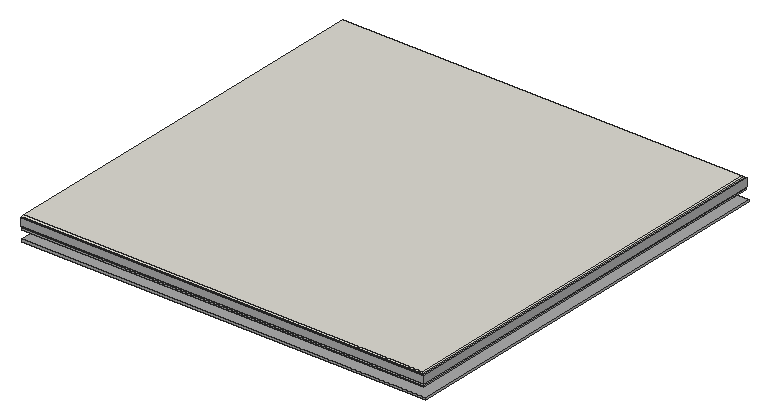
Revit family "Haworth_PorcelainFlooringSystem", category Generic Models, Revit 2014
Parameters (values of type "FBPV-PRS0-PA - Tile System")
  Warranty = "http://www.haworth.com/product-info/warranties"
  Understructure Finish = Haworth _ Polymer _ Slate
  URL - Product = "http://www.haworth.com/products/architectural-interiors/access-floors"
  URL = "http://www.haworth.com/"
  Trim Finish = Haworth _ Polymer _ Fog
  Tile System = yes
  Tile Only = not(Tile System)  # no
  Sustainability Info = "http://www.haworth.com/company-info/sustainablility"
  Revision Number = "1"  # constant formula
  Panel Width Half = 11 99/128"  # constant formula
  Panel Finish [instance] = Haworth _ Porcelain _ Flint
  Note = "Verify Dimensions w/ Haworth"  # constant formula
  Model = "FBPV-PRS0-PA"
  Manufacturer = "Haworth"  # constant formula
  Floor Thickness = 13/16"  # constant formula
  Description = "Haworth_PorcelainFlooringSystem - Tile System"
  Chamfer Offset = 1/16"  # constant formula
  Author = "Haworth (Hampton)"  # constant formula
  Assembly Code = ""
Types (3): name | Tile System | Tile Only | Model | Description
  (no name) | yes | no | "FBPV-PRS0-PA" | "Haworth_PorcelainFlooringSystem - Tile System"
  FBPV-PRS0-PA - Tile System | yes | no | "FBPV-PRS0-PA" | "Haworth_PorcelainFlooringSystem - Tile System"
  FBPV-PRS0-PG - Tile Only | no | yes | "FBPV-PRS0-PG" | "Haworth_PorcelainFlooringSystem - Tile Only"
Reference planes (in)
  plane 1 "Center F/B": y = 0
  plane 2: z = 0
  plane 3 "Center L/R": x = 0
  plane 4 "Left": x = -11.77344
  plane 5 "Right": x = 11.77344
  plane 6 "Back": y = 11.77344
  plane 7 "Front": y = -11.77344
  plane 8 "Left In": x = -11.71094
  plane 9 "Right In": x = 11.71094
  plane 10 "Back In": y = 11.71094
  plane 11 "Front In": y = -11.71094
  plane 12 "Chamfer": z = 0.8125
  plane 13 "Panel Top": z = 0.875
  plane 14 "Grout Right": x = 11.99219
  plane 15 "Grout Bottom": y = -11.99219
  plane 16: z = 0.375
  plane 17: x = -11.625
  plane 18: y = 11.625
  plane 19: y = -12.47639
  plane 20: y = -11.21111
  plane 21: through (-11.99219, 11.99219, 48) normal (0.7071, 0.7071, 0)
  plane 22: x = 12.47639
  plane 23: x = 11.21111
  plane 24: z = 0.2835
  plane 25: x = -11.735
  plane 26: x = -11.21111
  plane 27: y = 11.21111
  plane 28 "Grout right": x = 11.84162
  plane 29 "Grout Bottom 2": y = -11.84162
  plane 30 "Grout Top": y = 11.84162
  plane 31 "Grout Left": x = -11.84162
Forms (in)
  Extrusion 1, solid, material "Haworth _ Porcelain _ Flint" <- "Panel Finish"
    sketch origin (0, 0, 0) x (1, 0, 0) y (0, 1, 0)
      loop
        line (-11.77344, 11.77344) -> (-11.77344, -11.77344) -> (11.77344, -11.77344) -> (11.77344, 11.77344) -> (-11.77344, 11.77344)
    from 0.375 to 0.8125
  Blend 2, solid, material "Haworth _ Porcelain _ Flint" <- "Panel Finish"
    base sketch origin (0, 0, 0) x (1, 0, 0) y (0, 1, 0)
      loop
        line (-11.77344, 11.77344) -> (-11.77344, -11.77344) -> (11.77344, -11.77344) -> (11.77344, 11.77344) -> (-11.77344, 11.77344)
    top sketch origin (0, 0, 0) x (1, 0, 0) y (0, 1, 0)
      loop
        line (-11.71094, 11.71094) -> (-11.71094, -11.71094) -> (11.71094, -11.71094) -> (11.71094, 11.71094) -> (-11.71094, 11.71094)
    from 0.8125 to 0.875
  Extrusion 3, solid, material "Haworth _ Polymer _ Slate" <- "Understructure Finish", visible <- "Tile System"
    sketch origin (0, 0, 0) x (1, 0, 0) y (0, 1, 0)
      loop
        line (-11.21111, 11.21111) -> (-11.21111, -11.21111) -> (11.21111, -11.21111) -> (11.21111, 11.21111) -> (-11.21111, 11.21111)
    from 0 to 0.375
  Extrusion 4, solid, material "Haworth _ Polymer _ Fog" <- "Trim Finish", visible <- "Tile System"
    sketch origin (0, 0, 0) x (1, 0, 0) y (0, 1, 0)
      loop
        line (-11.625, -11.77344) -> (-11.625, -11.99219) -> (11.99219, -11.99219) -> (11.99219, 11.61719) -> (11.77344, 11.61719) -> (11.77344, -11.77344) -> (-11.625, -11.77344)
    from 0.2835 to 0.375
  Extrusion 5, solid, material "Haworth _ Polymer _ Fog" <- "Trim Finish", visible <- "Tile System"
    sketch origin (0, 0, 0) x (1, 0, 0) y (0, 1, 0)
      loop
        line (11.77344, -11.77344) -> (-11.77344, -11.77344) -> (-11.77344, -11.91406) -> (11.91406, -11.91406) -> (11.91406, 11.77344) -> (11.77344, 11.77344) -> (11.77344, -11.77344)
    from 0.375 to 0.8125
  Extrusion 6, solid, material "Haworth _ Polymer _ Fog" <- "Trim Finish", visible <- "Tile System", detail levels fine
    sketch origin (0, 0, 0) x (1, 0, 0) y (0, 1, 0)
      loop
        line (-11.21111, -11.21111) -> (-11.21111, -12.47639) -> (12.47639, -12.47639) -> (12.47639, 11.21111) -> (11.21111, 11.21111) -> (11.21111, -11.21111) -> (-11.21111, -11.21111)
    from 0 to 0.125
Cuts and joins
  joined: Extrusion 1, Blend 2
Lines and regions (in)
  Masking region 1
    outline origin (0, 0, 0) x (1, 0, 0) y (0, 1, 0)
      loop
        line (-11.77344, 11.77344) -> (-11.77344, -11.77344) -> (11.77344, -11.77344) -> (11.77344, 11.77344) -> (-11.77344, 11.77344)
  Masking region 2, visible <- "Tile System"
    outline origin (0, 0, 0) x (1, 0, 0) y (0, 1, 0)
      loop
        line (-11.21111, -11.77344) -> (-11.21111, -12.47639) -> (12.47639, -12.47639) -> (12.47639, 11.21111) -> (11.77344, 11.21111) -> (11.77344, -11.77344) -> (-11.21111, -11.77344)
  symbolic lines, visible <- "Tile System", detail levels fine
    curve 1: line (12.47639, 11.21111, 0) -> (12.47639, -12.47639, 0)
    curve 2: line (11.21111, 11.21111, 0) -> (11.21111, -11.21111, 0)
    curve 3: line (12.47639, 11.21111, 0) -> (11.21111, 11.21111, 0)
    curve 4: line (-11.21111, -12.47639, 0) -> (12.47639, -12.47639, 0)
    curve 5: line (-11.21111, -11.21111, 0) -> (11.21111, -11.21111, 0)
    curve 6: line (-11.21111, -12.47639, 0) -> (-11.21111, -11.21111, 0)
  symbolic lines, style "GenericModelHiddenLines", detail levels fine
    curve 7: line (-11.84162, 11.84162, 0) -> (-11.84162, -11.84162, 0)
    curve 8: line (-11.84162, -11.84162, 0) -> (11.84162, -11.84162, 0)
    curve 9: line (11.84162, -11.84162, 0) -> (11.84162, 11.84162, 0)
    curve 10: line (11.84162, 11.84162, 0) -> (-11.84162, 11.84162, 0)
Dimensions and locks (in)
  "Panel Width Half": plane 4 "Left" to plane 3 "Center L/R"
  "Panel Width Half": plane 3 "Center L/R" to plane 5 "Right"
  "Panel Width Half": plane 7 "Front" to plane 1 "Center F/B"
  "Panel Width Half": plane 1 "Center F/B" to plane 6 "Back"
  "Chamfer Offset": plane 4 "Left" to plane 8 "Left In"
  "Chamfer Offset": plane 9 "Right In" to plane 5 "Right"
  "Chamfer Offset": plane 6 "Back" to plane 10 "Back In"
  "Chamfer Offset": plane 7 "Front" to plane 11 "Front In"
  "Floor Thickness": plane 12 "Chamfer" to level
  "Chamfer Offset": plane 13 "Panel Top" to plane 12 "Chamfer"
  plane 13 "Panel Top" to plane 16 = 1/2"
  locked: plane 24 to plane 2 at 0.2835
  aligned and locked: plane 5 "Right" to Extrusion 1 sketch curve
  aligned and locked: Extrusion 1 sketch curve to plane 6 "Back"
  aligned and locked: Extrusion 1 sketch curve to plane 7 "Front"
  aligned and locked: plane 4 "Left" to Extrusion 1 sketch curve
  aligned and locked: plane 5 "Right" to Blend 2 sketch curve
  aligned and locked: Blend 2 sketch curve to plane 7 "Front"
  aligned and locked: plane 4 "Left" to Blend 2 sketch curve
  aligned and locked: Blend 2 sketch curve to plane 6 "Back"
  aligned and locked: plane 9 "Right In" to Blend 2 sketch curve
  aligned and locked: Blend 2 sketch curve to plane 11 "Front In"
  aligned and locked: plane 8 "Left In" to Blend 2 sketch curve
  aligned and locked: Blend 2 sketch curve to plane 10 "Back In"
  aligned and locked: Masking region 1 sketch curve to plane 7 "Front"
  aligned and locked: plane 5 "Right" to Masking region 1 sketch curve
  aligned and locked: Masking region 1 sketch curve to plane 6 "Back"
  aligned and locked: plane 4 "Left" to Masking region 1 sketch curve
  aligned and locked: plane 13 "Panel Top" to cut or joined group of Extrusion 1, Blend 2
  aligned and locked: cut or joined group of Extrusion 1, Blend 2 to plane 12 "Chamfer"
  aligned and locked: plane 12 "Chamfer" to cut or joined group of Extrusion 1, Blend 2
  aligned and locked: cut or joined group of Extrusion 1, Blend 2 to plane 16
  aligned and locked: plane 16 to Extrusion 3
  aligned and locked: Extrusion 3 to plane 2
  aligned and locked: plane 16 to Extrusion 4
  aligned and locked: Extrusion 5 to plane 16
  aligned and locked: plane 12 "Chamfer" to Extrusion 5
  aligned and locked: Extrusion 4 to plane 24
  aligned and locked: plane 6 "Back" to Extrusion 5
  aligned and locked: Extrusion 3 sketch curve to plane 27
  aligned and locked: Extrusion 3 sketch curve to plane 26
  aligned and locked: Extrusion 3 sketch curve to plane 20
  aligned and locked: Extrusion 3 sketch curve to plane 23
  aligned and locked: plane 26 to Extrusion 6
  aligned and locked: curve 6 to plane 26
  aligned and locked: plane 27 to Extrusion 6
  aligned and locked: plane 27 to curve 3
Automatic sketch dimensions
  plane 7 "Front" to Extrusion 4 sketch curve = 0"
  Extrusion 4 sketch curve to plane 17 = 0"
  Extrusion 4 sketch curve to plane 5 "Right" = 0"
  Extrusion 4 sketch curve to plane 14 "Grout Right" = 0"
  plane 15 "Grout Bottom" to Extrusion 4 sketch curve = 0"
  Extrusion 4 sketch curve to plane 10 "Back In" = 3/32"
  plane 7 "Front" to Extrusion 5 sketch curve = 0"
  Extrusion 5 sketch curve to plane 5 "Right" = 0"
  Extrusion 5 sketch curve to plane 5 "Right" = 9/64"
  plane 7 "Front" to Extrusion 5 sketch curve = 9/64"
  plane 20 to Extrusion 6 sketch curve = 0"
  Extrusion 6 sketch curve to plane 21 = 0"  (x2)
  Extrusion 6 sketch curve to plane 19 = 0"
  Extrusion 5 sketch curve to plane 4 "Left" = 0"
  plane 6 "Back" to Extrusion 5 sketch curve = 0"
  Extrusion 6 sketch curve to plane 26 = 0"
  plane 7 "Front" to Masking region 2 sketch curve = 0"
  Masking region 2 sketch curve to plane 26 = 0"
  Masking region 2 sketch curve to plane 5 "Right" = 0"
  Masking region 2 sketch curve to plane 19 = 0"
  Masking region 2 sketch curve to plane 21 = 0"
  Masking region 2 sketch curve to plane 27 = 0"
  Extrusion 6 sketch curve to plane 27 = 0"
  plane 29 "Grout Bottom 2" to curve 8 = 0"
  plane 20 to curve 5 = 0"
  curve 5 to plane 21 = 0"
  curve 9 to plane 28 "Grout right" = 0"
  curve 3 to plane 22 = 0"
  curve 1 to plane 19 = 0"
  curve 9 to plane 30 "Grout Top" = 0"
  curve 7 to plane 21 = 0"
